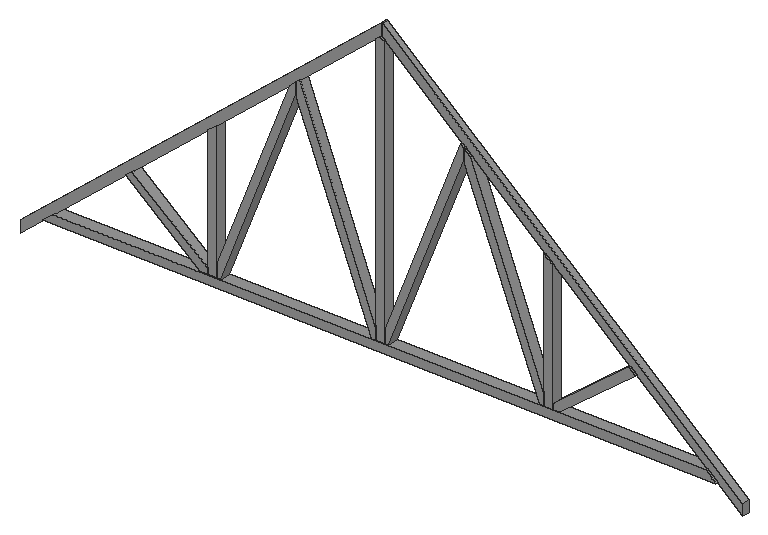
Revit family "TripleFanTruss", category Structural Framing, Revit 2023
Family settings
  Section Shape = Not Defined
  Material for Model Behavior = Wood
  Always export as geometry = No
  OmniClass Number = 23.25.30.21.14
  OmniClass Title = Trussed Beams and Joists
  Work Plane-Based = No
  Always vertical = Yes
  Cut with Voids When Loaded = No
  Symbolic Representation = From Family
  Shared = No
  Show family pre-cut in plan views = Yes
Parameters
  WebWidth [instance] = 120 mm
  WebDepth [instance] = 100 mm
  T_Volume [instance] = 0.00 m³
  TopWidth [instance] = 80 mm
  Structural Material [instance] = Poche
  SpanRight [instance] = 4000 mm
  SpanLeft [instance] = 4000 mm
  Span [instance] = SpanLeft + SpanRight  # 8000 mm
  SlopeRight [instance] = 40.00°
  SlopeLeft [instance] = 40.00°
  OverhangRight [instance] = 300 mm
  OverhangLeft [instance] = 300 mm
  TopDepth [instance] = 100 mm
  BottomWidth [instance] = 150 mm
  BottomDepth [instance] = 100 mm
Reference planes
  plane 1 "Center (Front/Back)": y = 0
  plane 2: z = 0
  plane 3 "Center (Left/Right)": x = 0
  plane 4: x = -4000
  plane 5: x = 4000
  plane 6: x = 4300
  plane 7: x = -4300
  plane 8: z = 100
  plane 9: x = 50
  plane 10: x = -50
  plane 11: x = -1000
  plane 12: x = -3000
  plane 13: x = -2000
  plane 14: x = 1000
  plane 15: x = 3000
  plane 16: x = 2000
  plane 17: x = -1950
  plane 18: x = -2050
  plane 19: x = 2050
  plane 20: x = 1950
Forms (mm)
  Extrusion 1, solid, material "Cherry"
    sketch origin (0, 0, 0) x (1, 0, 0) y (0, 0, 1)
      loop
        line (50, 236.699) -> (50, 100) -> (103.723, 100) -> (1000, 2380.6) -> (1000, 2517.299) -> (959.6, 2551.199) -> (50, 236.699)
    from -60 to 60
  Extrusion 2, solid, material "Cherry"
    sketch origin (0, 0, 0) x (1, 0, 0) y (0, 0, 1)
      loop
        line (-103.723, 100) -> (-50, 100) -> (-50, 236.699) -> (-959.6, 2551.199) -> (-1000, 2517.299) -> (-1000, 2380.6) -> (-103.723, 100)
    from -60 to 60
  Extrusion 3, solid, material "Cherry"
    sketch origin (0, 0, 0) x (1, 0, 0) y (0, 0, 1)
      loop
        line (1896.277, 100) -> (1950, 100) -> (1950, 236.699) -> (1080.155, 2450.041) -> (1000, 2517.299) -> (1000, 2380.6) -> (1896.277, 100)
    from -60 to 60
  Extrusion 4, solid, material "Cherry"
    sketch origin (0, 0, 0) x (1, 0, 0) y (0, 0, 1)
      loop
        line (-1950, 236.699) -> (-1950, 100) -> (-1896.277, 100) -> (-1000, 2380.6) -> (-1000, 2517.299) -> (-1080.155, 2450.041) -> (-1950, 236.699)
    from -60 to 60
  Extrusion 5, solid, material "Cherry"
    sketch origin (0, 0, 0) x (1, 0, 0) y (0, 0, 1)
      loop
        line (-2130.378, 100) -> (-2050, 100) -> (-2050, 163.859) -> (-2951.321, 879.946) -> (-3029.504, 814.343) -> (-2130.378, 100)
    from -60 to 60
  Extrusion 6, solid, material "Cherry"
    sketch origin (0, 0, 0) x (1, 0, 0) y (0, 0, 1)
      loop
        line (2050, 163.35) -> (2050, 100) -> (2131.427, 100) -> (3039.175, 806.228) -> (2960.825, 871.971) -> (2050, 163.35)
    from -60 to 60
  Extrusion 7, solid, material "Cherry"
    sketch origin (0, 0, 0) x (1, 0, 0) y (0, 0, 1)
      loop
        line (1950, 1720.154) -> (1950, 100) -> (2050, 100) -> (2050, 1636.244) -> (1950, 1720.154)
    from -60 to 60
  Extrusion 8, solid, material "Cherry"
    sketch origin (0, 0, 0) x (1, 0, 0) y (0, 0, 1)
      loop
        line (-2050, 1636.244) -> (-2050, 100) -> (-1950, 100) -> (-1950, 1720.154) -> (-2050, 1636.244)
    from -60 to 60
  Extrusion 9, solid, material "Cherry"
    sketch origin (0, 0, 0) x (1, 0, 0) y (0, 0, 1)
      loop
        line (-50, 3314.444) -> (-50, 100) -> (50, 100) -> (50, 3314.444) -> (0, 3356.399) -> (-50, 3314.444)
    from -60 to 60
  Extrusion 10, solid, material "Cherry"
    sketch origin (0, 0, 0) x (1, 0, 0) y (0, 0, 1)
      loop
        line (4000, 0) -> (3880.825, 100) -> (-3880.825, 100) -> (-4000, 0) -> (4000, 0)
    from -75 to 75
  Extrusion 11, solid, material "Cherry"
    sketch origin (0, 0, 0) x (1, 0, 0) y (0, 0, 1)
      loop
        line (4300, -251.73) -> (4300, -121.189) -> (0, 3486.939) -> (0, 3356.399) -> (4300, -251.73)
    from -40 to 40
  Extrusion 12, solid, material "Cherry"
    sketch origin (0, 0, 0) x (1, 0, 0) y (0, 0, 1)
      loop
        line (-4300, -251.73) -> (0, 3356.399) -> (0, 3486.939) -> (-4300, -121.189) -> (-4300, -251.73)
    from -40 to 40
Lines and regions (mm)
  reference lines
    curve 1: line (4000, 0, 0) -> (0, 0, 3356.399)
    curve 2: line (-4000, 0, 0) -> (0, 0, 3356.399)
    curve 3: line (4001.738, 0, 129.083) -> (-8.024, 0, 3493.672)
    curve 4: line (-3996.012, 0, 133.887) -> (-84.65, 0, 3415.91)
    curve 5: line (0, 40, 1939.254) -> (0, 40, -520.746)
    curve 6: line (0, -40, 1939.254) -> (0, -40, -520.746)
    curve 7: line (0, -60, 1939.254) -> (0, -60, -520.746)
    curve 8: line (0, -75, 1939.254) -> (0, -75, -520.746)
    curve 9: line (0, 60, 1939.254) -> (0, 60, -520.746)
    curve 10: line (0, 75, 1939.254) -> (0, 75, -520.746)
    curve 11: line (-2050, 0, 100) -> (-2990.412, 0, 847.145)
    curve 12: line (-1950, 0, 100) -> (-1000, 0, 2517.299)
    curve 13: line (-50, 0, 100) -> (-1000, 0, 2517.299)
    curve 14: line (50, 0, 100) -> (1000, 0, 2517.299)
    curve 15: line (1950, 0, 100) -> (1000, 0, 2517.299)
    curve 16: line (1910.156, 0, 64.685) -> (906.443, 0, 2618.658)
    curve 17: line (1999.352, 0, 111.122) -> (1093.557, 0, 2415.94)
    curve 18: line (6.443, 0, 125.867) -> (906.443, 0, 2415.94)
    curve 19: line (89.844, 0, 64.685) -> (1093.557, 0, 2618.658)
    curve 20: line (-6.443, 0, 125.867) -> (-906.443, 0, 2415.94)
    curve 21: line (-89.844, 0, 64.685) -> (-1093.557, 0, 2618.658)
    curve 22: line (-1993.557, 0, 125.867) -> (-1093.557, 0, 2415.94)
    curve 23: line (-1910.156, 0, 64.685) -> (-906.443, 0, 2618.658)
    curve 24: line (-2035.721, 0, 152.515) -> (-2926.134, 0, 859.935)
    curve 25: line (-2003.093, 0, -1.126) -> (-3054.691, 0, 834.354)
    curve 26: line (2050, 0, 100) -> (3000, 0, 839.1)
    curve 27: line (1995.492, 0, 120.943) -> (2960.825, 0, 871.971)
    curve 28: line (2048.937, 0, 35.823) -> (3039.175, 0, 806.228)
Dimensions and locks
  "SpanLeft": plane 3 "Center (Left/Right)" to plane 5
  "SpanRight": plane 3 "Center (Left/Right)" to plane 4
  "OverhangLeft": plane 5 to plane 6
  "OverhangRight": plane 7 to plane 4
  "BottomDepth": level to plane 8
  "TopDepth": curve 1 to curve 3
  "TopDepth": curve 4 to curve 2
  equal spacing: curve 5, curve 4, curve 6
  "TopWidth": curve 5 to curve 6
  equal spacing: curve 9, curve 4, curve 7
  "WebWidth": curve 9 to curve 7
  equal spacing: curve 10, curve 4, curve 8
  "BottomWidth": curve 10 to curve 8
  plane 5 to plane 3 "Center (Left/Right)" = 4000 mm
  plane 4 to plane 3 "Center (Left/Right)" = 4000 mm
  equal spacing: plane 3 "Center (Left/Right)", plane 11, plane 13, plane 12, plane 4
  equal spacing: plane 3 "Center (Left/Right)", plane 14, plane 16, plane 15, plane 5
  equal spacing: plane 10, plane 3 "Center (Left/Right)", plane 9
  equal spacing: plane 18, plane 13, plane 17
  equal spacing: plane 20, plane 16, plane 19
  "WebDepth": plane 20 to plane 19
  "WebDepth": plane 10 to plane 9
  "WebDepth": plane 18 to plane 17
  equal spacing: curve 16, curve 15, curve 17
  "WebDepth": curve 16 to curve 17
  equal spacing: curve 18, curve 14, curve 19
  "WebDepth": curve 18 to curve 19
  equal spacing: curve 21, curve 13, curve 20
  "WebDepth": curve 21 to curve 20
  equal spacing: curve 22, curve 12, curve 23
  "WebDepth": curve 22 to curve 23
  equal spacing: curve 25, curve 11, curve 24
  "WebDepth": curve 25 to curve 24
  equal spacing: curve 27, curve 26, curve 28
  "WebDepth": curve 27 to curve 28
  "SlopeLeft": angle level to curve 1
  "SlopeRight": angle curve 2 to level
  aligned and locked: plane 2 to level
  aligned and locked: plane 3 "Center (Left/Right)" to curve 2
  aligned and locked: level to curve 2
  aligned and locked: plane 4 to curve 2
  aligned and locked: curve 1 to level
  aligned and locked: curve 18 to Extrusion 1 sketch curve
  aligned and locked: curve 19 to Extrusion 1 sketch curve
  aligned and locked: Extrusion 1 sketch curve to plane 14
  aligned and locked: curve 1 to Extrusion 1 sketch curve
  aligned and locked: plane 9 to Extrusion 1 sketch curve
  aligned and locked: plane 8 to Extrusion 1 sketch curve
  aligned and locked: curve 21 to Extrusion 2 sketch curve
  aligned and locked: curve 20 to Extrusion 2 sketch curve
  aligned and locked: Extrusion 2 sketch curve to plane 10
  aligned and locked: plane 8 to Extrusion 2 sketch curve
  aligned and locked: plane 11 to Extrusion 2 sketch curve
  aligned and locked: curve 2 to Extrusion 2 sketch curve
  aligned and locked: curve 16 to Extrusion 3 sketch curve
  aligned and locked: curve 17 to Extrusion 3 sketch curve
  aligned and locked: Extrusion 3 sketch curve to plane 20
  aligned and locked: plane 8 to Extrusion 3 sketch curve
  aligned and locked: Extrusion 3 sketch curve to plane 14
  aligned and locked: curve 1 to Extrusion 3 sketch curve
  aligned and locked: curve 22 to Extrusion 4 sketch curve
  aligned and locked: curve 23 to Extrusion 4 sketch curve
  aligned and locked: curve 2 to Extrusion 4 sketch curve
  aligned and locked: plane 11 to Extrusion 4 sketch curve
  aligned and locked: plane 17 to Extrusion 4 sketch curve
  aligned and locked: plane 8 to Extrusion 4 sketch curve
  aligned and locked: curve 25 to Extrusion 5 sketch curve
  aligned and locked: curve 24 to Extrusion 5 sketch curve
  aligned and locked: Extrusion 5 sketch curve to plane 18
  aligned and locked: plane 8 to Extrusion 5 sketch curve
  aligned and locked: curve 2 to Extrusion 5 sketch curve
  aligned and locked: curve 27 to Extrusion 6 sketch curve
  aligned and locked: curve 28 to Extrusion 6 sketch curve
  aligned and locked: curve 1 to Extrusion 6 sketch curve
  aligned and locked: plane 19 to Extrusion 6 sketch curve
  aligned and locked: plane 8 to Extrusion 6 sketch curve
  aligned and locked: Extrusion 7 sketch curve to plane 20
  aligned and locked: plane 19 to Extrusion 7 sketch curve
  aligned and locked: curve 1 to Extrusion 7 sketch curve
  aligned and locked: plane 8 to Extrusion 7 sketch curve
  aligned and locked: Extrusion 8 sketch curve to plane 18
  aligned and locked: plane 17 to Extrusion 8 sketch curve
  aligned and locked: curve 2 to Extrusion 8 sketch curve
  aligned and locked: plane 8 to Extrusion 8 sketch curve
  aligned and locked: Extrusion 9 sketch curve to plane 10
  aligned and locked: plane 9 to Extrusion 9 sketch curve
  aligned and locked: curve 2 to Extrusion 9 sketch curve
  aligned and locked: curve 1 to Extrusion 9 sketch curve
  aligned and locked: plane 8 to Extrusion 9 sketch curve
  aligned and locked: curve 9 to Extrusion 5
  aligned and locked: Extrusion 5 to curve 7
  aligned and locked: curve 9 to Extrusion 8
  aligned and locked: Extrusion 8 to curve 7
  aligned and locked: Extrusion 4 to curve 9
  aligned and locked: Extrusion 4 to curve 7
  aligned and locked: Extrusion 2 to curve 9
  aligned and locked: Extrusion 2 to curve 7
  aligned and locked: Extrusion 9 to Extrusion 2  (x2)
  aligned and locked: curve 9 to Extrusion 7
  aligned and locked: Extrusion 7 to curve 7
  aligned and locked: Extrusion 1 to curve 9
  aligned and locked: Extrusion 1 to curve 7
  aligned and locked: Extrusion 3 to curve 9
  aligned and locked: Extrusion 3 to curve 7
  aligned and locked: curve 9 to Extrusion 6
  aligned and locked: Extrusion 6 to curve 7
  aligned and locked: Extrusion 10 sketch curve to level
  aligned and locked: plane 8 to Extrusion 10 sketch curve
  aligned and locked: Extrusion 10 sketch curve to curve 1
  aligned and locked: Extrusion 10 sketch curve to curve 2
  aligned and locked: curve 10 to Extrusion 10
  aligned and locked: Extrusion 10 to curve 8
  aligned and locked: Extrusion 11 sketch curve to curve 1
  aligned and locked: Extrusion 11 sketch curve to curve 3
  aligned and locked: Extrusion 11 sketch curve to plane 6
  aligned and locked: Extrusion 11 sketch curve to plane 3 "Center (Left/Right)"
  aligned and locked: Extrusion 12 sketch curve to curve 2
  aligned and locked: Extrusion 12 sketch curve to curve 4
  aligned and locked: Extrusion 12 sketch curve to plane 3 "Center (Left/Right)"
  aligned and locked: plane 7 to Extrusion 12 sketch curve
  aligned and locked: Extrusion 12 to curve 5
  aligned and locked: Extrusion 12 to curve 6
  aligned and locked: Extrusion 11 to curve 5
  aligned and locked: Extrusion 11 to curve 6
Automatic sketch dimensions
  curve 11 to plane 8 = 0 mm
  curve 11 to plane 18 = 0 mm
  curve 12 to plane 8 = 0 mm
  plane 17 to curve 12 = 0 mm
  plane 11 to curve 13 = 0 mm
  curve 13 to plane 8 = 0 mm
  curve 13 to plane 10 = 0 mm
  curve 14 to plane 8 = 0 mm
  plane 9 to curve 14 = 0 mm
  curve 14 to plane 14 = 0 mm
  curve 15 to plane 8 = 0 mm
  curve 15 to plane 20 = 0 mm
  curve 26 to plane 8 = 0 mm
  plane 19 to curve 26 = 0 mm
  curve 26 to plane 15 = 0 mm
  curve 4 to plane 4 = 3.988 mm
  plane 12 to curve 25 = 54.691 mm
  curve 11 to plane 12 = 9.588 mm
  curve 24 to plane 12 = 73.866 mm
  plane 18 to curve 24 = 14.279 mm
  curve 22 to plane 13 = 6.443 mm
  curve 23 to plane 8 = 35.315 mm
  curve 25 to level = 1.126 mm
  plane 11 to curve 22 = 93.557 mm
  curve 21 to curve 22 = 0 mm
  curve 20 to plane 11 = 93.557 mm
  curve 23 to curve 20 = 0 mm
  curve 21 to plane 8 = 35.315 mm
  curve 4 to plane 10 = 34.65 mm
  curve 3 to plane 3 "Center (Left/Right)" = 8.024 mm
  curve 20 to plane 3 "Center (Left/Right)" = 6.443 mm
  plane 3 "Center (Left/Right)" to curve 18 = 6.443 mm
  curve 19 to plane 8 = 35.315 mm
  curve 16 to plane 14 = 93.557 mm
  curve 16 to curve 18 = 0 mm
  plane 14 to curve 19 = 93.557 mm
  curve 19 to curve 17 = 0 mm
  curve 16 to plane 8 = 35.315 mm
  curve 17 to plane 16 = 0.648 mm
  plane 19 to curve 28 = 1.063 mm
  curve 3 to plane 5 = 1.738 mm
  curve 10 to level = 520.746 mm
  curve 5 to curve 10 = 0 mm
  curve 8 to curve 5 = 0 mm
  curve 8 to curve 6 = 0 mm  (x2)
  curve 8 to curve 7 = 0 mm  (x2)
  curve 9 to curve 10 = 0 mm  (x2)
  plane 8 to curve 6 = 1839.254 mm
  curve 6 to curve 9 = 0 mm
  curve 5 to curve 9 = 0 mm
